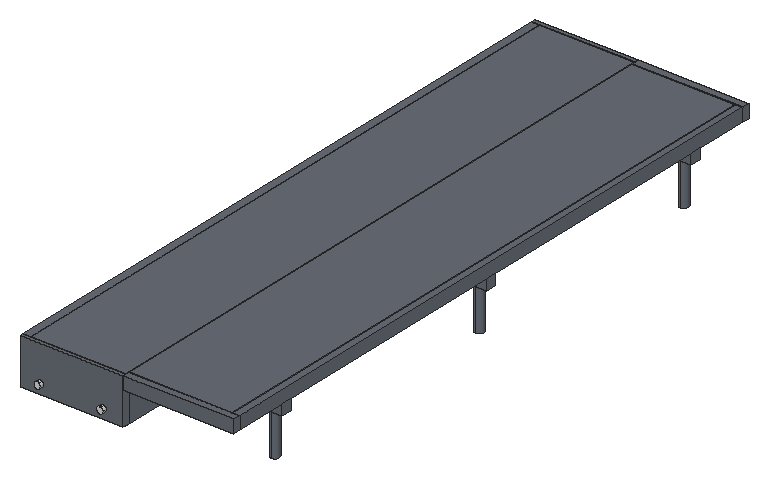
Revit family
Parameters (values of type "PL07 07 7/0")
  Width Side = 181 mm
  Width Inner Side = Actual Width 1 - Frame Offset  # 168 mm
  Width Inner Main = Actual Width - Frame Offset + 37 mm  # 192 mm
  Width = 168 mm
  URL = "http://www.meinertz.com/pictures_org/prodk.pdf"
  Thermal Performance Index = 7
  Thermal Performance Constant = if(Thermal Performance Index = 3, 145, if(Thermal Performance Index = 4, 191, if(Thermal Performance Index = 5, 231, if(Thermal Performance Index = 6, 262, if(Thermal Performance Index = 7, 287, if(Thermal Performance Index = 8, 317, if(Thermal Performance Index = 9, 339, if(Thermal Performance Index = 10, 359, if(Thermal Performance Index = 11, 382, if(Thermal Performance Index = 12, 404, if(Thermal Performance Index = 13, 424, 444)))))))))))  # 287
  Thermal Performance = Thermal Performance Constant * Length / 1000 mm  # 287
  Tapping Radius = 9.5 mm / 2  # 4.75 mm
  Side Support Distance = (Actual Length - (2 * Frame Offset) - 200 mm) / (Count Side Support - 1)  # 387 mm
  Side Grill Length = Actual Length - (2 * Frame Offset) - 22 mm  # 952 mm
  Right Tap Visible = Count Grill Main > 3  # yes
  Model = "PL07 07 7/0"
  Manufacturer = "Meinertz"  # constant formula
  Length = 1000 mm
  Keynote = "PL07 07 7/0"
  Grill = RAL 7024 Grill
  GoGetNo = 6939  # constant formula
  Frame Offset = 13 mm  # constant formula
  Frame = RAL 7024
  Count Side Support = (Actual Length - (2 * Frame Offset) - 200 mm) / 600 mm + 1.49  # 3
  Count Grill Side = ((Width Side - Frame Offset) / 24 mm)  # 7
  Count Grill Main = (Width - Frame Offset - 11 mm) / 24 mm + 1  # 7
  Count Convec Support = (Actual Length - (2 * Frame Offset) - 300 mm) / 2500 mm + 1.49  # 2
  Convection Grill Length = Actual Length - (2 * Frame Offset) - 11 mm  # 963 mm
  Convec Support Distance = (Actual Length - (2 * Frame Offset) - 300 mm) / (Count Convec Support - 1)  # 674 mm
  Actual Width 1 = (Count Grill Side * 24 mm) + Frame Offset  # 181 mm
  Actual Width = (Count Grill Main - 1) * 24 mm + Frame Offset + 11 mm  # 168 mm
  Actual Length = if(Length < 4 * Frame Offset, 4 * Frame Offset, if(Length > 6000 mm, 6000 mm, Length))  # 1000 mm
Types (6, lengths in mm): name | Width Side | Width Inner Side | Width Inner Main | Width | Thermal Performance Index | Thermal Performance Constant | Thermal Performance | Right Tap Visible | Model | Keynote | Count Grill Side | Count Grill Main | Actual Width 1 | Actual Width
  (no name) | 181 | 168 | 192 | 168 | 7 | 287 | 287 | yes | "PL07 07 7/0" | "PL07 07 7/0" | 7 | 7 | 181 | 168
  PL07 07 7/0 | 181 | 168 | 192 | 168 | 7 | 287 | 287 | yes | "PL07 07 7/0" | "PL07 07 7/0" | 7 | 7 | 181 | 168
  PL07 06 6/0 | 157 | 144 | 168 | 144 | 6 | 262 | 262 | yes | "PL07 06 6/0" | "PL07 06 6/0" | 6 | 6 | 157 | 144
  PL07 05 5/0 | 133 | 120 | 144 | 120 | 5 | 231 | 231 | yes | "PL07 05 5/0" | "PL07 05 5/0" | 5 | 5 | 133 | 120
  PL07 04 5/0 | 133 | 120 | 120 | 96 | 4 | 191 | 191 | yes | "PL07 04 5/0" | "PL07 04 5/0" | 5 | 4 | 133 | 96
  PL07 03 5/0 | 133 | 120 | 96 | 70 | 3 | 145 | 145 | no | "PL07 03 5/0" | "PL07 03 5/0" | 5 | 3 | 133 | 72
Reference planes
  plane 1 "Center (Front/Back)": y = 0
  plane 2: z = 0
  plane 3 "Center (Left/Right)": x = 0
  plane 4: x = -84
  plane 5: x = 84
  plane 6: y = 500
  plane 7: y = -500
  plane 8: x = 265
  plane 9: x = -71
  plane 10: y = 487
  plane 11: y = -487
  plane 12: y = 387
  plane 13: y = 337
  plane 14: y = -387
  plane 15: y = -337
  plane 16: x = 97
  plane 17: x = 252
  plane 18: z = -20
  plane 19: z = -36
  plane 20: z = -19.8
  plane 21: z = -55
  plane 22: z = -70
  plane 23: z = -72
  plane 24: z = -53
  plane 25: z = -100
  plane 26: z = -55
  plane 27: x = -60
  plane 28: x = 241
  plane 29: y = 476
  plane 30: y = 481.5
  plane 31: y = -476
  plane 32: y = -481.5
  plane 33: y = 250
  plane 34: y = 150
  plane 35: y = -250
  plane 36: y = -150
  plane 37: x = 6.5
  plane 38: x = -41
  plane 39: x = 54
Forms (mm)
  Extrusion 1, solid, material "RAL 7024 Grill" <- "Grill"
    sketch origin (0, 0, 0) x (1, 0, 0) y (0, 1, 0)
      loop
        line (-60, 481.5) -> (-60, -481.5) -> (84, -481.5) -> (84, 481.5) -> (-60, 481.5)
    from 0 to -70
  Extrusion 2, solid, material "RAL 7024" <- "Frame"
    sketch origin (84, 481.5, 0) x (0, -1, 0) y (0, 0, -1)
      loop
        line (968.5, 0) -> (968.5, 70) -> (957.5, 70) -> (957.5, 20) -> (963, 20) -> (963, 0) -> (968.5, 0)
      loop
        line (-5.5, 0) -> (0, 0) -> (0, 20) -> (5.5, 20) -> (5.5, 70) -> (-5.5, 70) -> (-5.5, 0)
    from 0 to -155
  Extrusion 3, solid, material "RAL 7024 Grill" <- "Grill"
    sketch origin (0, 0, 0) x (1, 0, 0) y (0, 1, 0)
      loop
        line (84, 476) -> (84, -476) -> (241, -476) -> (241, 476) -> (84, 476)
    from 0 to -20
  Extrusion 4, solid, material "RAL 7024" <- "Frame"
    sketch origin (0, 0, 0) x (1, 0, 0) y (0, 1, 0)
      loop
        line (84, -487) -> (252, -487) -> (252, -476) -> (84, -476) -> (84, -487)
      loop
        line (84, 487) -> (84, 476) -> (252, 476) -> (252, 487) -> (84, 487)
    from 0 to -20
  Extrusion 5, solid, material "RAL 7024" <- "Frame"
    sketch origin (0, 0, 0) x (1, 0, 0) y (0, 1, 0)
      loop
        line (241, 476) -> (241, -476) -> (252, -476) -> (252, 476) -> (241, 476)
    from 0 to -20
  Extrusion 6, solid, material "RAL 7024" <- "Frame"
    sketch origin (168, 0, 0) x (-1, 0, 0) y (0, -1, 0)
      loop
        line (228, -481.5) -> (239, -481.5) -> (239, 481.5) -> (228, 481.5) -> (228, -481.5)
    from 0 to -70
  Extrusion 7, solid
    sketch origin (0, 0, 0) x (0, 1, 0) y (0, 0, 1)
      loop
        circle (250, -55) r 4.8
    from -71 to -76
  Extrusion 8, solid
    sketch origin (0, -100, 0) x (0, 1, 0) y (0, 0, 1)
      loop
        circle (250, -55) r 4.8
    from -71 to -76
  Extrusion 9, solid
    sketch origin (0, -400, 0) x (0, 1, 0) y (0, 0, 1)
      loop
        circle (250, -55) r 4.8
    from -71 to -76
  Extrusion 10, solid
    sketch origin (0, -500, 0) x (0, 1, 0) y (0, 0, 1)
      loop
        circle (250, -55) r 4.8
    from -71 to -76
  Extrusion 11, solid
    sketch origin (84, 481.5, 0) x (0, -1, 0) y (0, 0, -1)
      loop
        circle (231.5, 55) r 4.8
    from 0 to 5
  Extrusion 12, solid
    sketch origin (84, 381.5, 0) x (0, -1, 0) y (0, 0, -1)
      loop
        circle (231.5, 55) r 4.8
    from 0 to 5
  Extrusion 13, solid
    sketch origin (84, 81.5, 0) x (0, -1, 0) y (0, 0, -1)
      loop
        circle (231.5, 55) r 4.8
    from 0 to 5
  Extrusion 14, solid
    sketch origin (84, -18.5, 0) x (0, -1, 0) y (0, 0, -1)
      loop
        circle (231.5, 55) r 4.8
    from 0 to 5
  Extrusion 15, solid, visible <- "Right Tap Visible"
    sketch origin (84, 487, 0) x (0, 0, -1) y (-1, 0, 0)
      loop
        circle (55, 125) r 4.8
    from 0 to 5
  Extrusion 16, solid
    sketch origin (84, 487, 0) x (0, 0, -1) y (-1, 0, 0)
      loop
        circle (55, 30) r 4.8
    from 0 to 5
  Extrusion 17, solid
    sketch origin (84, -487, 0) x (0, 0, -1) y (1, 0, 0)
      loop
        circle (55, -125) r 4.8
    from 0 to 5
  Extrusion 18, solid, visible <- "Right Tap Visible"
    sketch origin (84, -487, 0) x (0, 0, -1) y (1, 0, 0)
      loop
        circle (55, -30) r 4.8
    from 0 to 5
Lines and regions (mm)
  Masking region 1
    outline origin (0, 0, 0) x (1, 0, 0) y (0, 1, 0)
      loop
        line (-60, 481.5) -> (-60, -481.5) -> (84, -481.5) -> (84, 481.5) -> (-60, 481.5)
  Masking region 2
    outline origin (0, 0, 0) x (1, 0, 0) y (0, 1, 0)
      loop
        line (84, 476) -> (84, -476) -> (241, -476) -> (241, 476) -> (84, 476)
Dimensions and locks
  equal spacing: plane 7, plane 1 "Center (Front/Back)", plane 6
  "Actual Length": plane 6 to plane 7
  equal spacing: plane 4, plane 3 "Center (Left/Right)", plane 5
  "Actual Width": plane 4 to plane 5
  "Actual Width 1": plane 5 to plane 8
  "Frame Offset": plane 4 to plane 9
  "Frame Offset": plane 10 to plane 6
  "Frame Offset": plane 11 to plane 7
  plane 13 to plane 12 to plane 10 = 50 mm locked, 100 mm locked
  plane 15 to plane 14 to plane 11 = 50 mm locked, 100 mm locked
  locked: plane 5 to plane 16 at 13
  "Frame Offset": plane 17 to plane 8
  equal spacing: plane 19, plane 24, plane 22
  locked: plane 26 to plane 25 at 45
  plane 29 to plane 30 to plane 10 = 5.5 mm locked, 5.5 mm locked
  plane 31 to plane 32 to plane 11 = 5.5 mm locked, 5.5 mm locked
  locked: plane 9 to plane 27 at 11
  locked: plane 28 to plane 17 at 11
  plane 6 to plane 33 to plane 34 = 250 mm locked, 100 mm locked
  plane 36 to plane 35 to plane 7 = 100 mm locked, 250 mm locked
  locked: Extrusion 7 to plane 9 at 5
  equal spacing: plane 5, plane 37, plane 9
  plane 38 to plane 9 = 30 mm
  plane 39 to plane 5 = 30 mm
  group 1 to group 2 = 0 mm  (x2)
  group 1 to group 2 = 674 mm
  equal spacing: group 3, group 4, group 5  (x3)
  "Convec Support Distance": nested 2 to nested 5
  "Side Support Distance": nested 6 to nested 1
  aligned and locked: level to plane 2
  aligned and locked: plane 27 to Extrusion 1 sketch curve
  aligned and locked: plane 30 to Extrusion 1 sketch curve
  aligned and locked: plane 5 to Extrusion 1 sketch curve
  aligned and locked: plane 18 to Extrusion 2 sketch curve
  aligned and locked: plane 22 to Extrusion 2 sketch curve
  aligned and locked: plane 2 to Extrusion 2 sketch curve
  aligned and locked: Extrusion 1 to plane 22
  aligned and locked: Extrusion 2 to plane 9
  aligned and locked: plane 29 to Extrusion 3 sketch curve
  aligned and locked: Extrusion 3 sketch curve to plane 5
  aligned and locked: plane 28 to Extrusion 3 sketch curve
  aligned and locked: plane 31 to Extrusion 3 sketch curve
  aligned and locked: Extrusion 3 to plane 18
  aligned and locked: plane 5 to Extrusion 4 sketch curve
  aligned and locked: plane 31 to Extrusion 4 sketch curve
  aligned and locked: Extrusion 4 sketch curve to plane 11
  aligned and locked: Extrusion 4 sketch curve to plane 17
  aligned and locked: plane 11 to Extrusion 2 sketch curve
  aligned and locked: plane 32 to Extrusion 2 sketch curve
  aligned and locked: plane 31 to Extrusion 2 sketch curve
  aligned and locked: Extrusion 4 sketch curve to plane 5
  aligned and locked: plane 17 to Extrusion 4 sketch curve
  aligned and locked: Extrusion 4 sketch curve to plane 29
  aligned and locked: plane 10 to Extrusion 4 sketch curve
  aligned and locked: Extrusion 2 sketch curve to plane 2
  aligned and locked: Extrusion 2 sketch curve to plane 10
  aligned and locked: Extrusion 2 sketch curve to plane 30
  aligned and locked: Extrusion 2 sketch curve to plane 18
  aligned and locked: Extrusion 2 sketch curve to plane 29
  aligned and locked: Extrusion 2 sketch curve to plane 22
  aligned and locked: Extrusion 5 sketch curve to plane 28
  aligned and locked: plane 17 to Extrusion 5 sketch curve
  aligned and locked: plane 31 to Extrusion 5 sketch curve
  aligned and locked: plane 29 to Extrusion 5 sketch curve
  aligned and locked: Extrusion 5 to plane 18
  aligned and locked: plane 27 to Extrusion 6 sketch curve
  aligned and locked: Extrusion 6 sketch curve to plane 9
  aligned and locked: Extrusion 6 to plane 22
  aligned and locked: Extrusion 6 sketch curve to plane 30
  aligned and locked: Extrusion 6 sketch curve to plane 32
  aligned and locked: plane 14 to nested 1
  aligned and locked: plane 18 to nested 1
  aligned and locked: plane 25 to nested 1
  aligned and locked: nested 2 to plane 15
  aligned and locked: plane 22 to nested 2
  aligned and locked: plane 25 to nested 2
  aligned and locked: Extrusion 7 to plane 9
  aligned and locked: Extrusion 7 to Extrusion 8
  aligned and locked: Extrusion 7 to Extrusion 9
  aligned and locked: Extrusion 7 to Extrusion 10
  aligned and locked: Extrusion 11 sketch curve to Extrusion 7  (x2)
  aligned and locked: Extrusion 12 sketch curve to Extrusion 8  (x2)
  aligned and locked: Extrusion 13 sketch curve to Extrusion 9  (x2)
  aligned and locked: Extrusion 14 sketch curve to Extrusion 10  (x2)
  aligned and locked: plane 9 to Extrusion 10
  aligned and locked: plane 9 to Extrusion 9
  aligned and locked: plane 9 to Extrusion 8
  aligned and locked: nested 3 to plane 32
  aligned and locked: nested 3 to plane 30
  aligned and locked: nested 3 to plane 5
  aligned and locked: nested 4 to plane 31
  aligned and locked: nested 4 to plane 29
  aligned and locked: nested 4 to plane 5
  aligned and locked: plane 17 to nested 1
  aligned and locked: plane 22 to nested 5  (x2)
  aligned and locked: plane 9 to nested 2
  aligned and locked: plane 17 to nested 6
  aligned and locked: plane 18 to nested 6
  aligned and locked: plane 9 to nested 5
  aligned and locked: Extrusion 17 sketch curve to Extrusion 15  (x2)
  aligned and locked: Extrusion 18 sketch curve to Extrusion 16  (x2)
  aligned and locked: plane 27 to nested 3
  aligned and locked: nested 4 to plane 28
  aligned and locked: Masking region 1 sketch curve to Extrusion 1  (x3)
  aligned and locked: Masking region 1 sketch curve to Extrusion 2
  aligned and locked: Masking region 2 sketch curve to Extrusion 4
  aligned and locked: Masking region 2 sketch curve to Extrusion 3  (x3)
Automatic sketch dimensions
  Extrusion 1 sketch curve to plane 32 = 0 mm
  Extrusion 7 sketch curve to plane 21 = 0 mm
  Extrusion 7 sketch curve to plane 33 = 0 mm
  Extrusion 8 sketch curve to plane 21 = 0 mm
  Extrusion 8 sketch curve to plane 34 = 0 mm
  Extrusion 9 sketch curve to plane 21 = 0 mm
  Extrusion 9 sketch curve to plane 36 = 0 mm
  Extrusion 10 sketch curve to plane 21 = 0 mm
  Extrusion 10 sketch curve to plane 35 = 0 mm
  Extrusion 2 sketch curve to Extrusion 1 = 0 mm
  Extrusion 2 to Extrusion 16 sketch curve = 15 mm
  Extrusion 2 to Extrusion 16 sketch curve = 30 mm
  Extrusion 2 to Extrusion 15 sketch curve = 30 mm
  Extrusion 2 to Extrusion 15 sketch curve = 15 mm
  radius of Extrusion 7 sketch curve = 4.8 mm
  radius of Extrusion 8 sketch curve = 4.8 mm
  radius of Extrusion 9 sketch curve = 4.8 mm
  radius of Extrusion 10 sketch curve = 4.8 mm
  radius of Extrusion 16 sketch curve = 4.8 mm
  radius of Extrusion 15 sketch curve = 4.8 mm
Nested families
  nested 1: "Support" at (142.079, -380.531, -36) x (0, 1, 0) z (0, 0, 1), type "Side Support"
    with Length 192 mm
  nested 2: "Support" at (38.921, -343.469, -72) x (0, -1, 0) z (0, 0, 1), type "Convec Support"
  nested 3: "Grill" at (-60, -481.5, 0), type "Grill"
    with Width 963 mm, Start 11 mm, Second 13 mm, Length 144 mm, Big no
  nested 4: "Grill" at (84, -476, 0), type "Grill"
    with Width 952 mm, Start 11 mm, Second 13 mm, Length 157 mm, Big no
  nested 5: "Support" at (38.921, 330.531, -72) x (0, -1, 0) z (0, 0, 1), type "Convec Support"
  nested 6: "Support" at (142.079, 6.469, -36) x (0, 1, 0) z (0, 0, 1), type "Side Support"
    with Length 192 mm
  nested 7: "Support" at (142.079, 393.469, -36) x (0, 1, 0) z (0, 0, 1), type "Side Support"
    with Length 192 mm
Connectors
  piping at (-76, 150, -55), driven by "Tapping Radius"
    settings: on Extrusion 8, index 21, connector radius 4.75 mm, flow factor 0, pipe flow 0.0 L/s, pressure drop 0.0 Pa, fitting loss kfactor 0, connector angle 0.00°, fixture units 0, flow configuration 1, flow direction 2, fitting loss method 0, system type 22, connector reference index -1, connector utility 0, adjustable connector no, is connector primary yes, fitting loss table "", connector description ""
  piping at (-76, 250, -55), driven by "Tapping Radius"
    settings: on Extrusion 7, index 22, connector radius 4.75 mm, flow factor 0, pipe flow 0.0 L/s, pressure drop 0.0 Pa, fitting loss kfactor 0, connector angle 0.00°, fixture units 0, flow configuration 1, flow direction 1, fitting loss method 0, system type 19, connector reference index -1, connector utility 0, adjustable connector no, is connector primary no, fitting loss table "", connector description ""
  piping at (-76, -150, -55), driven by "Tapping Radius"
    settings: on Extrusion 9, index 23, connector radius 4.75 mm, flow factor 0, pipe flow 0.0 L/s, pressure drop 0.0 Pa, fitting loss kfactor 0, connector angle 0.00°, fixture units 0, flow configuration 1, flow direction 1, fitting loss method 0, system type 22, connector reference index -1, connector utility 0, adjustable connector no, is connector primary no, fitting loss table "", connector description ""
  piping at (-76, -250, -55), driven by "Tapping Radius"
    settings: on Extrusion 10, index 24, connector radius 4.75 mm, flow factor 0, pipe flow 0.0 L/s, pressure drop 0.0 Pa, fitting loss kfactor 0, connector angle 0.00°, fixture units 0, flow configuration 1, flow direction 2, fitting loss method 0, system type 22, connector reference index -1, connector utility 0, adjustable connector no, is connector primary no, fitting loss table "", connector description ""
  piping at (89, -250, -55), driven by "Tapping Radius"
    settings: on Extrusion 14, index 25, connector radius 4.75 mm, flow factor 0, pipe flow 0.0 L/s, pressure drop 0.0 Pa, fitting loss kfactor 0, connector angle 0.00°, fixture units 0, flow configuration 1, flow direction 1, fitting loss method 0, system type 22, connector reference index -1, connector utility 0, adjustable connector no, is connector primary no, fitting loss table "", connector description ""
  piping at (89, -150, -55), driven by "Tapping Radius"
    settings: on Extrusion 13, index 26, connector radius 4.75 mm, flow factor 0, pipe flow 0.0 L/s, pressure drop 0.0 Pa, fitting loss kfactor 0, connector angle 0.00°, fixture units 0, flow configuration 1, flow direction 2, fitting loss method 0, system type 19, connector reference index -1, connector utility 0, adjustable connector no, is connector primary no, fitting loss table "", connector description ""
  piping at (89, 150, -55), driven by "Tapping Radius"
    settings: on Extrusion 12, index 27, connector radius 4.75 mm, flow factor 0, pipe flow 0.0 L/s, pressure drop 0.0 Pa, fitting loss kfactor 0, connector angle 0.00°, fixture units 0, flow configuration 1, flow direction 1, fitting loss method 0, system type 22, connector reference index -1, connector utility 0, adjustable connector no, is connector primary no, fitting loss table "", connector description ""
  piping at (89, 250, -55), driven by "Tapping Radius"
    settings: on Extrusion 11, index 28, connector radius 4.75 mm, flow factor 0, pipe flow 0.0 L/s, pressure drop 0.0 Pa, fitting loss kfactor 0, connector angle 0.00°, fixture units 0, flow configuration 1, flow direction 2, fitting loss method 0, system type 22, connector reference index -1, connector utility 0, adjustable connector no, is connector primary no, fitting loss table "", connector description ""
  piping at (-41, 492, -55), driven by "Tapping Radius"
    settings: on Extrusion 15, index 31, connector radius 4.75 mm, flow factor 0, pipe flow 0.0 L/s, pressure drop 0.0 Pa, fitting loss kfactor 0, connector angle 0.00°, fixture units 0, flow configuration 1, flow direction 1, fitting loss method 0, system type 22, connector reference index -1, connector utility 0, adjustable connector no, is connector primary no, fitting loss table "", connector description ""
  piping at (-41, 492, -55), driven by "Tapping Radius"
    settings: on Extrusion 15, index 32, connector radius 4.75 mm, flow factor 0, pipe flow 0.0 L/s, pressure drop 0.0 Pa, fitting loss kfactor 0, connector angle 0.00°, fixture units 0, flow configuration 1, flow direction 2, fitting loss method 0, system type 22, connector reference index -1, connector utility 0, adjustable connector no, is connector primary no, fitting loss table "", connector description ""
  piping at (54, 492, -55), driven by "Tapping Radius"
    settings: on Extrusion 16, index 33, connector radius 4.75 mm, flow factor 0, pipe flow 0.0 L/s, pressure drop 0.0 Pa, fitting loss kfactor 0, connector angle 0.00°, fixture units 0, flow configuration 1, flow direction 1, fitting loss method 0, system type 22, connector reference index -1, connector utility 0, adjustable connector no, is connector primary no, fitting loss table "", connector description ""
  piping at (-41, -492, -55), driven by "Tapping Radius"
    settings: on Extrusion 17, index 34, connector radius 4.75 mm, flow factor 0, pipe flow 0.0 L/s, pressure drop 0.0 Pa, fitting loss kfactor 0, connector angle 0.00°, fixture units 0, flow configuration 1, flow direction 1, fitting loss method 0, system type 22, connector reference index -1, connector utility 0, adjustable connector no, is connector primary no, fitting loss table "", connector description ""
  piping at (54, -492, -55), driven by "Tapping Radius"
    settings: on Extrusion 18, index 35, connector radius 4.75 mm, flow factor 0, pipe flow 0.0 L/s, pressure drop 0.0 Pa, fitting loss kfactor 0, connector angle 0.00°, fixture units 0, flow configuration 1, flow direction 2, fitting loss method 0, system type 22, connector reference index -1, connector utility 0, adjustable connector no, is connector primary no, fitting loss table "", connector description ""
Definition of nested family "Support"
  Parameters (values of type "Side Support")
    offset top = 17.5 mm
    Width = 16 mm
    Side 2 = yes
    Side 1 = no
    Length = 168 mm
    Height = 16 mm
    Frame = RAL 7024
    Footing rad = 6.5 mm
    Footing Height = 64 mm
    Assembly Code = ""
  Types (2, lengths in mm): name | Width | Side 1 | Length | Height | Footing Height
    Side Support | 16 | no | 168 | 16 | 64
    Convec Support | 20 | yes | 192 | 2 | 28
  Reference planes
    plane 1 "Center (Front/Back)": y = -13.921
    plane 2: z = 0
    plane 3 "Center (Left/Right)": x = -6.469
    plane 4: z = 16
    plane 5: x = 1.531
    plane 6: x = -14.469
    plane 7: y = 70.079
    plane 8: y = -97.921
    plane 9: y = 52.579
    plane 10: y = -80.421
    plane 11: z = -64
  Forms (mm)
    Extrusion 1, solid, material "RAL 7024" <- "Frame"
      sketch origin (0, -13.921, 0) x (1, 0, 0) y (0, 0, 1)
        loop
          line (-14.469, 16) -> (-14.469, 0) -> (1.531, 0) -> (1.531, 16) -> (-14.469, 16)
      from -84 to 84
    Extrusion 2, solid, material "RAL 7024" <- "Frame", visible <- "Side 1"
      sketch origin (0, 0, 0) x (1, 0, 0) y (0, 1, 0)
        loop
          circle (-6.469, 52.579) r 6.5
      from -64 to 0
    Extrusion 3, solid, material "RAL 7024" <- "Frame", visible <- "Side 2"
      sketch origin (0, 0, 0) x (1, 0, 0) y (0, 1, 0)
        loop
          circle (-6.469, -80.421) r 6.5
      from -64 to 0
  Dimensions and locks
    equal spacing: plane 6, plane 3 "Center (Left/Right)", plane 5
    equal spacing: plane 7, plane 1 "Center (Front/Back)", plane 8
    "Length": plane 7 to plane 8
    "Width": plane 6 to plane 5
    "Height": plane 4 to plane 2
    "offset top": plane 7 to plane 9
    "offset top": plane 10 to plane 8
    "Footing Height": plane 2 to plane 11
    "Footing rad": Extrusion 2 sketch curve to plane 3 "Center (Left/Right)"
    "Footing rad": plane 9 to Extrusion 2 sketch curve
    locked: plane 10 to Extrusion 3 sketch curve at 6.5
    locked: plane 3 "Center (Left/Right)" to Extrusion 3 sketch curve at 6.5
    "Footing rad": radius of Extrusion 2 sketch curve
    "Footing rad": radius of Extrusion 3 sketch curve
    aligned and locked: plane 6 to Extrusion 1 sketch curve
    aligned and locked: Extrusion 1 sketch curve to plane 4
    aligned and locked: level to Extrusion 1 sketch curve
    aligned and locked: Extrusion 1 sketch curve to plane 5
    aligned and locked: plane 7 to Extrusion 1
    aligned and locked: Extrusion 1 to plane 8
    aligned and locked: Extrusion 2 to plane 11
    aligned and locked: plane 2 to Extrusion 2
    aligned and locked: Extrusion 3 to plane 11
    aligned and locked: level to Extrusion 3
Definition of nested family "Grill"
  Parameters (values of type "Grill")
    Width [instance] = 208.6 mm
    Start [instance] = if(Big, 13 mm, 11 mm)  # 11 mm
    Second [instance] = if(Big, 11 mm, 13 mm)  # 13 mm
    Length [instance] = 900 mm
    Big [instance] = no
    Assembly Code = ""
  Reference planes
    plane 1 "Center (Front/Back)": y = 0
    plane 2: z = 0
    plane 3 "Center (Left/Right)": x = 0
    plane 4: y = 208.6
    plane 5: x = 900
  Lines and regions (mm)
    Filled region 1, type "Base", in view "Ref. Level"
      outline origin (0, 0, 0) x (1, 0, 0) y (0, 1, 0)
        loop
          line (0, 208.6) -> (0, 0) -> (900, 0) -> (900, 208.6) -> (0, 208.6)
    Filled region 2, type "Top", in view "Ref. Level"
      outline origin (45.053, 31.547, 0) x (1, 0, 0) y (0, 1, 0)
        loop
          line (-45.053, 177.053) -> (-45.053, -31.547) -> (854.947, -31.547) -> (854.947, 177.053) -> (-45.053, 177.053)
  Dimensions and locks
    "Width": plane 4 to plane 1 "Center (Front/Back)"
    "Length": plane 3 "Center (Left/Right)" to plane 5
    "Start": plane 3 "Center (Left/Right)" to Filled region 2
    "Second": Filled region 2 to Filled region 1
    aligned and locked: plane 4 to Filled region 2
    aligned and locked: plane 1 "Center (Front/Back)" to Filled region 2
    aligned and locked: plane 5 to Filled region 2
    aligned and locked: Filled region 1 to plane 3 "Center (Left/Right)"
    aligned and locked: plane 3 "Center (Left/Right)" to Filled region 2 sketch curve
  Automatic sketch dimensions
    Filled region 1 sketch curve to plane 1 "Center (Front/Back)" = 0 mm
    Filled region 1 sketch curve to plane 3 "Center (Left/Right)" = 0 mm
    Filled region 1 sketch curve to plane 5 = 0 mm
    Filled region 1 sketch curve to plane 4 = 0 mm
    Filled region 2 sketch curve to plane 1 "Center (Front/Back)" = 0 mm
    Filled region 2 sketch curve to plane 5 = 0 mm
    Filled region 2 sketch curve to plane 4 = 0 mm
